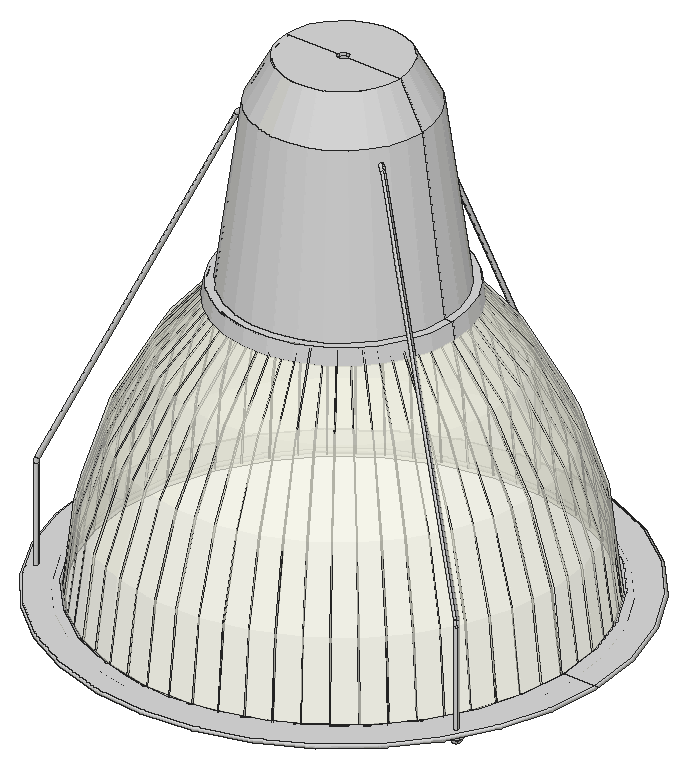
Revit family "RP22", category Lighting Fixtures, Revit 2024
Family settings
  Round Connector Dimension = Use Diameter
  Part Type = Normal
  OmniClass Number = 23.80.70.00
  OmniClass Title = Lighting
  Work Plane-Based = No
  Always vertical = Yes
  Cut with Voids When Loaded = No
  Light Source = No
  Maintain Annotation Orientation = No
  Shared = No
  Room Calculation Point = No
Parameters
  Default Elevation = 0' - 0"
Reference planes (in)
  plane 1 "Light Source Axis (F/B)": y = 0
  plane 2: z = 0
  plane 3 "Light Source Axis (L/R)": x = 0
  plane 4 "Light Source Elevation": z = 54
Forms (in)
  Revolve 1, solid, material "48"
    sketch origin (0, 0, 0) x (1, 0, 0) y (0, 0, 1)
      loop
        line (2.8125, 77.75) -> (0.25, 77.75) -> (0.25, 77.65625) -> (2.75696, 77.65625) -> (3.81747, 75.72007) -> (4.91835, 67.78125) -> (5.29558, 67.78125) -> (5.40496, 67.125) -> (5.5, 67.125) -> (5.375, 67.875) -> (5, 67.875) -> (3.90796, 75.75) -> (2.8125, 77.75)
      axis (0, 67.125) -> (0, 77.75)
    angle from 0 to 360
  Revolve 2, solid, material "GLASS SHADE"
    sketch origin (0, 0, 0) x (1, 0, 0) y (0, 0, 1)
      loop
        arc (11.1875, 54) -> (11.25, 54.0625) -> (11.1875, 54.125) r 0.0625
        line (11.1875, 54.125) -> (10.83403, 54.125)
        arc (10.83403, 54.125) -> (9.2544, 61.42208) -> (4.98056, 67.54392) r 18.96413
        line (4.98056, 67.54392) -> (4.91425, 67.47761)
        arc (4.91425, 67.47761) -> (9.19267, 61.32887) -> (10.74175, 54) r 18.87038
        line (10.74175, 54) -> (11.1875, 54)
      axis (0, 67.54392) -> (0, 54)
    angle from 0 to 360
  Revolve 3, solid, material "48"
    sketch origin (0, 0, 0) x (1, 0, 0) y (0, 0, 1)
      loop
        arc (12.4125, 54.125) -> (12.5, 54.2125) -> (12.4125, 54.3) r 0.0875
        line (12.4125, 54.3) -> (10.93136, 54.3)
        arc (10.93136, 54.3) -> (10.84386, 54.2125) -> (10.93136, 54.125) r 0.0875
        line (10.93136, 54.125) -> (12.4125, 54.125)
      axis (0, 54.3) -> (0, 54.125)
    angle from 0 to 360
  Sweep 4, solid, material "48"
    path origin (0, 0, 0) x (0.866025, 0.5, 0) y (0, 0, 1)
      loop
        line (-11.96945, 54.3) -> (-11.96945, 58.82315)
        arc (-11.96945, 58.82315) -> (-11.95511, 58.95099) -> (-11.9128, 59.07247) r 0.577
        line (-11.9128, 59.07247) -> (-4.16178, 74.8941)
        arc (-4.16178, 74.8941) -> (-3.90561, 75.02468) -> (-3.74137, 74.78867) r 0.21875
    profile origin (-10.36584, -5.98472, 56.56157) x (-0.866025, -0.5, 0) y (0.5, -0.866025, 0)
      loop
        circle (0, 0) r 0.09375
  Revolve 5, solid, material "48"
    sketch origin (0, 0, 0) x (0.866025, 0.5, 0) y (0, 0, 1)
      loop
        line (-12.28093, 54.125) -> (-12.28093, 53.96904)
        arc (-12.28093, 53.96904) -> (-12.24499, 53.93309) -> (-12.20057, 53.90839) r 0.18335
        arc (-12.20057, 53.90839) -> (-12.13287, 53.74497) -> (-11.96945, 53.67727) r 0.23112
        line (-11.96945, 53.67727) -> (-11.96945, 54.125) -> (-12.28093, 54.125)
      axis (-11.96945, 53.67727) -> (-11.96945, 54.125)
    angle from 0 to 360
  Sweep 6, solid, material "48"
    path origin (0, 0, 0) x (0, -1, 0) y (0, 0, 1)
      loop
        line (-11.96945, 54.3) -> (-11.96945, 58.82315)
        arc (-11.96945, 58.82315) -> (-11.95511, 58.95099) -> (-11.9128, 59.07247) r 0.577
        line (-11.9128, 59.07247) -> (-4.16178, 74.8941)
        arc (-4.16178, 74.8941) -> (-3.90561, 75.02468) -> (-3.74137, 74.78867) r 0.21875
    profile origin (0, 11.96945, 56.56157) x (0, 1, 0) y (-1, 0, 0)
      loop
        circle (0, 0) r 0.09375
  Revolve 7, solid, material "48"
    sketch origin (0, 0, 0) x (0, -1, 0) y (0, 0, 1)
      loop
        line (-12.28093, 54.125) -> (-12.28093, 53.96904)
        arc (-12.28093, 53.96904) -> (-12.24499, 53.93309) -> (-12.20057, 53.90839) r 0.18335
        arc (-12.20057, 53.90839) -> (-12.13287, 53.74497) -> (-11.96945, 53.67727) r 0.23112
        line (-11.96945, 53.67727) -> (-11.96945, 54.125) -> (-12.28093, 54.125)
      axis (-11.96945, 53.67727) -> (-11.96945, 54.125)
    angle from 0 to 360
  Sweep 8, solid, material "48"
    path origin (0, 0, 0) x (-0.866025, 0.5, 0) y (0, 0, 1)
      loop
        line (-11.96945, 54.3) -> (-11.96945, 58.82315)
        arc (-11.96945, 58.82315) -> (-11.95511, 58.95099) -> (-11.9128, 59.07247) r 0.577
        line (-11.9128, 59.07247) -> (-4.16178, 74.8941)
        arc (-4.16178, 74.8941) -> (-3.90561, 75.02468) -> (-3.74137, 74.78867) r 0.21875
    profile origin (10.36584, -5.98472, 56.56157) x (0.866025, -0.5, 0) y (0.5, 0.866025, 0)
      loop
        circle (0, 0) r 0.09375
  Revolve 9, solid, material "48"
    sketch origin (0, 0, 0) x (-0.866025, 0.5, 0) y (0, 0, 1)
      loop
        line (-12.28093, 54.125) -> (-12.28093, 53.96904)
        arc (-12.28093, 53.96904) -> (-12.24499, 53.93309) -> (-12.20057, 53.90839) r 0.18335
        arc (-12.20057, 53.90839) -> (-12.13287, 53.74497) -> (-11.96945, 53.67727) r 0.23112
        line (-11.96945, 53.67727) -> (-11.96945, 54.125) -> (-12.28093, 54.125)
      axis (-11.96945, 53.67727) -> (-11.96945, 54.125)
    angle from 0 to 360
  Sweep 10, solid, material "GLASS SHADE"
    path origin (0, 0, 0) x (1, 0, 0) y (0, 0, 1)
      loop
        arc (-4.91425, 67.47761) -> (-9.1135, 61.36235) -> (-10.74162, 54.125) r 19.61637
    profile origin (-9.1135, 0, 61.36235) x (0.91652, 0, -0.399989) y (0, -1, 0)
      loop
        circle (0, 0) r 0.03125
  Sweep 11, solid, material "GLASS SHADE"
    path origin (0, 0, 0) x (0.994522, -0.104528, 0) y (0, 0, 1)
      loop
        arc (-4.91425, 67.47761) -> (-9.1135, 61.36235) -> (-10.74162, 54.125) r 19.61637
    profile origin (-9.06358, 0.95262, 61.36235) x (0.911499, -0.095802, -0.399989) y (-0.104528, -0.994522, 0)
      loop
        circle (0, 0) r 0.03125
  Sweep 12, solid, material "GLASS SHADE"
    path origin (0, 0, 0) x (0.994522, 0.104528, 0) y (0, 0, 1)
      loop
        arc (-4.91425, 67.47761) -> (-9.1135, 61.36235) -> (-10.74162, 54.125) r 19.61637
    profile origin (-9.06358, -0.95262, 61.36235) x (0.911499, 0.095802, -0.399989) y (0.104528, -0.994522, 0)
      loop
        circle (0, 0) r 0.03125
  Sweep 13, solid, material "GLASS SHADE"
    path origin (0, 0, 0) x (0.978148, 0.207912, 0) y (0, 0, 1)
      loop
        arc (-4.91425, 67.47761) -> (-9.1135, 61.36235) -> (-10.74162, 54.125) r 19.61637
    profile origin (-8.91435, -1.8948, 61.36235) x (0.896492, 0.190555, -0.399989) y (0.207912, -0.978148, 0)
      loop
        circle (0, 0) r 0.03125
  Sweep 14, solid, material "GLASS SHADE"
    path origin (0, 0, 0) x (0.951057, 0.309017, 0) y (0, 0, 1)
      loop
        arc (-4.91425, 67.47761) -> (-9.1135, 61.36235) -> (-10.74162, 54.125) r 19.61637
    profile origin (-8.66745, -2.81623, 61.36235) x (0.871662, 0.28322, -0.399989) y (0.309017, -0.951057, 0)
      loop
        circle (0, 0) r 0.03125
  Sweep 15, solid, material "GLASS SHADE"
    path origin (0, 0, 0) x (0.913545, 0.406737, 0) y (0, 0, 1)
      loop
        arc (-4.91425, 67.47761) -> (-9.1135, 61.36235) -> (-10.74162, 54.125) r 19.61637
    profile origin (-8.3256, -3.70679, 61.36235) x (0.837283, 0.372782, -0.399989) y (0.406737, -0.913545, 0)
      loop
        circle (0, 0) r 0.03125
  Sweep 16, solid, material "GLASS SHADE"
    path origin (0, 0, 0) x (0.866025, 0.5, 0) y (0, 0, 1)
      loop
        arc (-4.91425, 67.47761) -> (-9.1135, 61.36235) -> (-10.74162, 54.125) r 19.61637
    profile origin (-7.89252, -4.55675, 61.36235) x (0.79373, 0.45826, -0.399989) y (0.5, -0.866025, 0)
      loop
        circle (0, 0) r 0.03125
  Sweep 17, solid, material "GLASS SHADE"
    path origin (0, 0, 0) x (0.809017, 0.587785, 0) y (0, 0, 1)
      loop
        arc (-4.91425, 67.47761) -> (-9.1135, 61.36235) -> (-10.74162, 54.125) r 19.61637
    profile origin (-7.37298, -5.35678, 61.36235) x (0.74148, 0.538717, -0.399989) y (0.587785, -0.809017, 0)
      loop
        circle (0, 0) r 0.03125
  Sweep 18, solid, material "GLASS SHADE"
    path origin (0, 0, 0) x (0.743145, 0.669131, 0) y (0, 0, 1)
      loop
        arc (-4.91425, 67.47761) -> (-9.1135, 61.36235) -> (-10.74162, 54.125) r 19.61637
    profile origin (-6.77265, -6.09812, 61.36235) x (0.681107, 0.613272, -0.399989) y (0.669131, -0.743145, 0)
      loop
        circle (0, 0) r 0.03125
  Sweep 19, solid, material "GLASS SHADE"
    path origin (0, 0, 0) x (0.669131, 0.743145, 0) y (0, 0, 1)
      loop
        arc (-4.91425, 67.47761) -> (-9.1135, 61.36235) -> (-10.74162, 54.125) r 19.61637
    profile origin (-6.09812, -6.77265, 61.36235) x (0.613272, 0.681107, -0.399989) y (0.743145, -0.669131, 0)
      loop
        circle (0, 0) r 0.03125
  Sweep 20, solid, material "GLASS SHADE"
    path origin (0, 0, 0) x (0.587785, 0.809017, 0) y (0, 0, 1)
      loop
        arc (-4.91425, 67.47761) -> (-9.1135, 61.36235) -> (-10.74162, 54.125) r 19.61637
    profile origin (-5.35678, -7.37298, 61.36235) x (0.538717, 0.74148, -0.399989) y (0.809017, -0.587785, 0)
      loop
        circle (0, 0) r 0.03125
  Sweep 21, solid, material "GLASS SHADE"
    path origin (0, 0, 0) x (0.5, 0.866025, 0) y (0, 0, 1)
      loop
        arc (-4.91425, 67.47761) -> (-9.1135, 61.36235) -> (-10.74162, 54.125) r 19.61637
    profile origin (-4.55675, -7.89252, 61.36235) x (0.45826, 0.79373, -0.399989) y (0.866025, -0.5, 0)
      loop
        circle (0, 0) r 0.03125
  Sweep 22, solid, material "GLASS SHADE"
    path origin (0, 0, 0) x (0.406737, 0.913545, 0) y (0, 0, 1)
      loop
        arc (-4.91425, 67.47761) -> (-9.1135, 61.36235) -> (-10.74162, 54.125) r 19.61637
    profile origin (-3.70679, -8.3256, 61.36235) x (0.372782, 0.837283, -0.399989) y (0.913545, -0.406737, 0)
      loop
        circle (0, 0) r 0.03125
  Sweep 23, solid, material "GLASS SHADE"
    path origin (0, 0, 0) x (0.309017, 0.951057, 0) y (0, 0, 1)
      loop
        arc (-4.91425, 67.47761) -> (-9.1135, 61.36235) -> (-10.74162, 54.125) r 19.61637
    profile origin (-2.81623, -8.66745, 61.36235) x (0.28322, 0.871662, -0.399989) y (0.951057, -0.309017, 0)
      loop
        circle (0, 0) r 0.03125
  Sweep 24, solid, material "GLASS SHADE"
    path origin (0, 0, 0) x (0.207912, 0.978148, 0) y (0, 0, 1)
      loop
        arc (-4.91425, 67.47761) -> (-9.1135, 61.36235) -> (-10.74162, 54.125) r 19.61637
    profile origin (-1.8948, -8.91435, 61.36235) x (0.190555, 0.896492, -0.399989) y (0.978148, -0.207912, 0)
      loop
        circle (0, 0) r 0.03125
  Sweep 25, solid, material "GLASS SHADE"
    path origin (0, 0, 0) x (0.104528, 0.994522, 0) y (0, 0, 1)
      loop
        arc (-4.91425, 67.47761) -> (-9.1135, 61.36235) -> (-10.74162, 54.125) r 19.61637
    profile origin (-0.95262, -9.06358, 61.36235) x (0.095802, 0.911499, -0.399989) y (0.994522, -0.104528, 0)
      loop
        circle (0, 0) r 0.03125
  Sweep 26, solid, material "GLASS SHADE"
    path origin (0, 0, 0) x (0, 1, 0) y (0, 0, 1)
      loop
        arc (-4.91425, 67.47761) -> (-9.1135, 61.36235) -> (-10.74162, 54.125) r 19.61637
    profile origin (0, -9.1135, 61.36235) x (0, 0.91652, -0.399989) y (1, 0, 0)
      loop
        circle (0, 0) r 0.03125
  Sweep 27, solid, material "GLASS SHADE"
    path origin (0, 0, 0) x (-0.104528, 0.994522, 0) y (0, 0, 1)
      loop
        arc (-4.91425, 67.47761) -> (-9.1135, 61.36235) -> (-10.74162, 54.125) r 19.61637
    profile origin (0.95262, -9.06358, 61.36235) x (-0.095802, 0.911499, -0.399989) y (0.994522, 0.104528, 0)
      loop
        circle (0, 0) r 0.03125
  Sweep 28, solid, material "GLASS SHADE"
    path origin (0, 0, 0) x (-0.207912, 0.978148, 0) y (0, 0, 1)
      loop
        arc (-4.91425, 67.47761) -> (-9.1135, 61.36235) -> (-10.74162, 54.125) r 19.61637
    profile origin (1.8948, -8.91435, 61.36235) x (-0.190555, 0.896492, -0.399989) y (0.978148, 0.207912, 0)
      loop
        circle (0, 0) r 0.03125
  Sweep 29, solid, material "GLASS SHADE"
    path origin (0, 0, 0) x (-0.309017, 0.951057, 0) y (0, 0, 1)
      loop
        arc (-4.91425, 67.47761) -> (-9.1135, 61.36235) -> (-10.74162, 54.125) r 19.61637
    profile origin (2.81623, -8.66745, 61.36235) x (-0.28322, 0.871662, -0.399989) y (0.951057, 0.309017, 0)
      loop
        circle (0, 0) r 0.03125
  Sweep 30, solid, material "GLASS SHADE"
    path origin (0, 0, 0) x (-0.406737, 0.913545, 0) y (0, 0, 1)
      loop
        arc (-4.91425, 67.47761) -> (-9.1135, 61.36235) -> (-10.74162, 54.125) r 19.61637
    profile origin (3.70679, -8.3256, 61.36235) x (-0.372782, 0.837283, -0.399989) y (0.913545, 0.406737, 0)
      loop
        circle (0, 0) r 0.03125
  Sweep 31, solid, material "GLASS SHADE"
    path origin (0, 0, 0) x (-0.5, 0.866025, 0) y (0, 0, 1)
      loop
        arc (-4.91425, 67.47761) -> (-9.1135, 61.36235) -> (-10.74162, 54.125) r 19.61637
    profile origin (4.55675, -7.89252, 61.36235) x (-0.45826, 0.79373, -0.399989) y (0.866025, 0.5, 0)
      loop
        circle (0, 0) r 0.03125
  Sweep 32, solid, material "GLASS SHADE"
    path origin (0, 0, 0) x (-0.587785, 0.809017, 0) y (0, 0, 1)
      loop
        arc (-4.91425, 67.47761) -> (-9.1135, 61.36235) -> (-10.74162, 54.125) r 19.61637
    profile origin (5.35678, -7.37298, 61.36235) x (-0.538717, 0.74148, -0.399989) y (0.809017, 0.587785, 0)
      loop
        circle (0, 0) r 0.03125
  Sweep 33, solid, material "GLASS SHADE"
    path origin (0, 0, 0) x (-0.669131, 0.743145, 0) y (0, 0, 1)
      loop
        arc (-4.91425, 67.47761) -> (-9.1135, 61.36235) -> (-10.74162, 54.125) r 19.61637
    profile origin (6.09812, -6.77265, 61.36235) x (-0.613272, 0.681107, -0.399989) y (0.743145, 0.669131, 0)
      loop
        circle (0, 0) r 0.03125
  Sweep 34, solid, material "GLASS SHADE"
    path origin (0, 0, 0) x (-0.743145, 0.669131, 0) y (0, 0, 1)
      loop
        arc (-4.91425, 67.47761) -> (-9.1135, 61.36235) -> (-10.74162, 54.125) r 19.61637
    profile origin (6.77265, -6.09812, 61.36235) x (-0.681107, 0.613272, -0.399989) y (0.669131, 0.743145, 0)
      loop
        circle (0, 0) r 0.03125
  Sweep 35, solid, material "GLASS SHADE"
    path origin (0, 0, 0) x (-0.809017, 0.587785, 0) y (0, 0, 1)
      loop
        arc (-4.91425, 67.47761) -> (-9.1135, 61.36235) -> (-10.74162, 54.125) r 19.61637
    profile origin (7.37298, -5.35678, 61.36235) x (-0.74148, 0.538717, -0.399989) y (0.587785, 0.809017, 0)
      loop
        circle (0, 0) r 0.03125
  Sweep 36, solid, material "GLASS SHADE"
    path origin (0, 0, 0) x (-0.866025, 0.5, 0) y (0, 0, 1)
      loop
        arc (-4.91425, 67.47761) -> (-9.1135, 61.36235) -> (-10.74162, 54.125) r 19.61637
    profile origin (7.89252, -4.55675, 61.36235) x (-0.79373, 0.45826, -0.399989) y (0.5, 0.866025, 0)
      loop
        circle (0, 0) r 0.03125
  Sweep 37, solid, material "GLASS SHADE"
    path origin (0, 0, 0) x (-0.913545, 0.406737, 0) y (0, 0, 1)
      loop
        arc (-4.91425, 67.47761) -> (-9.1135, 61.36235) -> (-10.74162, 54.125) r 19.61637
    profile origin (8.3256, -3.70679, 61.36235) x (-0.837283, 0.372782, -0.399989) y (0.406737, 0.913545, 0)
      loop
        circle (0, 0) r 0.03125
  Sweep 38, solid, material "GLASS SHADE"
    path origin (0, 0, 0) x (-0.951057, 0.309017, 0) y (0, 0, 1)
      loop
        arc (-4.91425, 67.47761) -> (-9.1135, 61.36235) -> (-10.74162, 54.125) r 19.61637
    profile origin (8.66745, -2.81623, 61.36235) x (-0.871662, 0.28322, -0.399989) y (0.309017, 0.951057, 0)
      loop
        circle (0, 0) r 0.03125
  Sweep 39, solid, material "GLASS SHADE"
    path origin (0, 0, 0) x (-0.978148, 0.207912, 0) y (0, 0, 1)
      loop
        arc (-4.91425, 67.47761) -> (-9.1135, 61.36235) -> (-10.74162, 54.125) r 19.61637
    profile origin (8.91435, -1.8948, 61.36235) x (-0.896492, 0.190555, -0.399989) y (0.207912, 0.978148, 0)
      loop
        circle (0, 0) r 0.03125
  Sweep 40, solid, material "GLASS SHADE"
    path origin (0, 0, 0) x (-0.994522, 0.104528, 0) y (0, 0, 1)
      loop
        arc (-4.91425, 67.47761) -> (-9.1135, 61.36235) -> (-10.74162, 54.125) r 19.61637
    profile origin (9.06358, -0.95262, 61.36235) x (-0.911499, 0.095802, -0.399989) y (0.104528, 0.994522, 0)
      loop
        circle (0, 0) r 0.03125
  Sweep 41, solid, material "GLASS SHADE"
    path origin (0, 0, 0) x (-1, 0, 0) y (0, 0, 1)
      loop
        arc (-4.91425, 67.47761) -> (-9.1135, 61.36235) -> (-10.74162, 54.125) r 19.61637
    profile origin (9.1135, 0, 61.36235) x (-0.91652, 0, -0.399989) y (0, 1, 0)
      loop
        circle (0, 0) r 0.03125
  Sweep 42, solid, material "GLASS SHADE"
    path origin (0, 0, 0) x (-0.994522, -0.104528, 0) y (0, 0, 1)
      loop
        arc (-4.91425, 67.47761) -> (-9.1135, 61.36235) -> (-10.74162, 54.125) r 19.61637
    profile origin (9.06358, 0.95262, 61.36235) x (-0.911499, -0.095802, -0.399989) y (-0.104528, 0.994522, 0)
      loop
        circle (0, 0) r 0.03125
  Sweep 43, solid, material "GLASS SHADE"
    path origin (0, 0, 0) x (-0.978148, -0.207912, 0) y (0, 0, 1)
      loop
        arc (-4.91425, 67.47761) -> (-9.1135, 61.36235) -> (-10.74162, 54.125) r 19.61637
    profile origin (8.91435, 1.8948, 61.36235) x (-0.896492, -0.190555, -0.399989) y (-0.207912, 0.978148, 0)
      loop
        circle (0, 0) r 0.03125
  Sweep 44, solid, material "GLASS SHADE"
    path origin (0, 0, 0) x (-0.951057, -0.309017, 0) y (0, 0, 1)
      loop
        arc (-4.91425, 67.47761) -> (-9.1135, 61.36235) -> (-10.74162, 54.125) r 19.61637
    profile origin (8.66745, 2.81623, 61.36235) x (-0.871662, -0.28322, -0.399989) y (-0.309017, 0.951057, 0)
      loop
        circle (0, 0) r 0.03125
  Sweep 45, solid, material "GLASS SHADE"
    path origin (0, 0, 0) x (-0.913545, -0.406737, 0) y (0, 0, 1)
      loop
        arc (-4.91425, 67.47761) -> (-9.1135, 61.36235) -> (-10.74162, 54.125) r 19.61637
    profile origin (8.3256, 3.70679, 61.36235) x (-0.837283, -0.372782, -0.399989) y (-0.406737, 0.913545, 0)
      loop
        circle (0, 0) r 0.03125
  Sweep 46, solid, material "GLASS SHADE"
    path origin (0, 0, 0) x (-0.866025, -0.5, 0) y (0, 0, 1)
      loop
        arc (-4.91425, 67.47761) -> (-9.1135, 61.36235) -> (-10.74162, 54.125) r 19.61637
    profile origin (7.89252, 4.55675, 61.36235) x (-0.79373, -0.45826, -0.399989) y (-0.5, 0.866025, 0)
      loop
        circle (0, 0) r 0.03125
  Sweep 47, solid, material "GLASS SHADE"
    path origin (0, 0, 0) x (-0.809017, -0.587785, 0) y (0, 0, 1)
      loop
        arc (-4.91425, 67.47761) -> (-9.1135, 61.36235) -> (-10.74162, 54.125) r 19.61637
    profile origin (7.37298, 5.35678, 61.36235) x (-0.74148, -0.538717, -0.399989) y (-0.587785, 0.809017, 0)
      loop
        circle (0, 0) r 0.03125
  Sweep 48, solid, material "GLASS SHADE"
    path origin (0, 0, 0) x (-0.743145, -0.669131, 0) y (0, 0, 1)
      loop
        arc (-4.91425, 67.47761) -> (-9.1135, 61.36235) -> (-10.74162, 54.125) r 19.61637
    profile origin (6.77265, 6.09812, 61.36235) x (-0.681107, -0.613272, -0.399989) y (-0.669131, 0.743145, 0)
      loop
        circle (0, 0) r 0.03125
  Sweep 49, solid, material "GLASS SHADE"
    path origin (0, 0, 0) x (-0.669131, -0.743145, 0) y (0, 0, 1)
      loop
        arc (-4.91425, 67.47761) -> (-9.1135, 61.36235) -> (-10.74162, 54.125) r 19.61637
    profile origin (6.09812, 6.77265, 61.36235) x (-0.613272, -0.681107, -0.399989) y (-0.743145, 0.669131, 0)
      loop
        circle (0, 0) r 0.03125
  Sweep 50, solid, material "GLASS SHADE"
    path origin (0, 0, 0) x (-0.587785, -0.809017, 0) y (0, 0, 1)
      loop
        arc (-4.91425, 67.47761) -> (-9.1135, 61.36235) -> (-10.74162, 54.125) r 19.61637
    profile origin (5.35678, 7.37298, 61.36235) x (-0.538717, -0.74148, -0.399989) y (-0.809017, 0.587785, 0)
      loop
        circle (0, 0) r 0.03125
  Sweep 51, solid, material "GLASS SHADE"
    path origin (0, 0, 0) x (-0.5, -0.866025, 0) y (0, 0, 1)
      loop
        arc (-4.91425, 67.47761) -> (-9.1135, 61.36235) -> (-10.74162, 54.125) r 19.61637
    profile origin (4.55675, 7.89252, 61.36235) x (-0.45826, -0.79373, -0.399989) y (-0.866025, 0.5, 0)
      loop
        circle (0, 0) r 0.03125
  Sweep 52, solid, material "GLASS SHADE"
    path origin (0, 0, 0) x (-0.406737, -0.913545, 0) y (0, 0, 1)
      loop
        arc (-4.91425, 67.47761) -> (-9.1135, 61.36235) -> (-10.74162, 54.125) r 19.61637
    profile origin (3.70679, 8.3256, 61.36235) x (-0.372782, -0.837283, -0.399989) y (-0.913545, 0.406737, 0)
      loop
        circle (0, 0) r 0.03125
  Sweep 53, solid, material "GLASS SHADE"
    path origin (0, 0, 0) x (-0.309017, -0.951057, 0) y (0, 0, 1)
      loop
        arc (-4.91425, 67.47761) -> (-9.1135, 61.36235) -> (-10.74162, 54.125) r 19.61637
    profile origin (2.81623, 8.66745, 61.36235) x (-0.28322, -0.871662, -0.399989) y (-0.951057, 0.309017, 0)
      loop
        circle (0, 0) r 0.03125
  Sweep 54, solid, material "GLASS SHADE"
    path origin (0, 0, 0) x (-0.207912, -0.978148, 0) y (0, 0, 1)
      loop
        arc (-4.91425, 67.47761) -> (-9.1135, 61.36235) -> (-10.74162, 54.125) r 19.61637
    profile origin (1.8948, 8.91435, 61.36235) x (-0.190555, -0.896492, -0.399989) y (-0.978148, 0.207912, 0)
      loop
        circle (0, 0) r 0.03125
  Sweep 55, solid, material "GLASS SHADE"
    path origin (0, 0, 0) x (-0.104528, -0.994522, 0) y (0, 0, 1)
      loop
        arc (-4.91425, 67.47761) -> (-9.1135, 61.36235) -> (-10.74162, 54.125) r 19.61637
    profile origin (0.95262, 9.06358, 61.36235) x (-0.095802, -0.911499, -0.399989) y (-0.994522, 0.104528, 0)
      loop
        circle (0, 0) r 0.03125
  Sweep 56, solid, material "GLASS SHADE"
    path origin (0, 0, 0) x (0, -1, 0) y (0, 0, 1)
      loop
        arc (-4.91425, 67.47761) -> (-9.1135, 61.36235) -> (-10.74162, 54.125) r 19.61637
    profile origin (0, 9.1135, 61.36235) x (0, -0.91652, -0.399989) y (-1, 0, 0)
      loop
        circle (0, 0) r 0.03125
  Sweep 57, solid, material "GLASS SHADE"
    path origin (0, 0, 0) x (0.104528, -0.994522, 0) y (0, 0, 1)
      loop
        arc (-4.91425, 67.47761) -> (-9.1135, 61.36235) -> (-10.74162, 54.125) r 19.61637
    profile origin (-0.95262, 9.06358, 61.36235) x (0.095802, -0.911499, -0.399989) y (-0.994522, -0.104528, 0)
      loop
        circle (0, 0) r 0.03125
  Sweep 58, solid, material "GLASS SHADE"
    path origin (0, 0, 0) x (0.207912, -0.978148, 0) y (0, 0, 1)
      loop
        arc (-4.91425, 67.47761) -> (-9.1135, 61.36235) -> (-10.74162, 54.125) r 19.61637
    profile origin (-1.8948, 8.91435, 61.36235) x (0.190555, -0.896492, -0.399989) y (-0.978148, -0.207912, 0)
      loop
        circle (0, 0) r 0.03125
  Sweep 59, solid, material "GLASS SHADE"
    path origin (0, 0, 0) x (0.309017, -0.951057, 0) y (0, 0, 1)
      loop
        arc (-4.91425, 67.47761) -> (-9.1135, 61.36235) -> (-10.74162, 54.125) r 19.61637
    profile origin (-2.81623, 8.66745, 61.36235) x (0.28322, -0.871662, -0.399989) y (-0.951057, -0.309017, 0)
      loop
        circle (0, 0) r 0.03125
  Sweep 60, solid, material "GLASS SHADE"
    path origin (0, 0, 0) x (0.406737, -0.913545, 0) y (0, 0, 1)
      loop
        arc (-4.91425, 67.47761) -> (-9.1135, 61.36235) -> (-10.74162, 54.125) r 19.61637
    profile origin (-3.70679, 8.3256, 61.36235) x (0.372782, -0.837283, -0.399989) y (-0.913545, -0.406737, 0)
      loop
        circle (0, 0) r 0.03125
  Sweep 61, solid, material "GLASS SHADE"
    path origin (0, 0, 0) x (0.5, -0.866025, 0) y (0, 0, 1)
      loop
        arc (-4.91425, 67.47761) -> (-9.1135, 61.36235) -> (-10.74162, 54.125) r 19.61637
    profile origin (-4.55675, 7.89252, 61.36235) x (0.45826, -0.79373, -0.399989) y (-0.866025, -0.5, 0)
      loop
        circle (0, 0) r 0.03125
  Sweep 62, solid, material "GLASS SHADE"
    path origin (0, 0, 0) x (0.587785, -0.809017, 0) y (0, 0, 1)
      loop
        arc (-4.91425, 67.47761) -> (-9.1135, 61.36235) -> (-10.74162, 54.125) r 19.61637
    profile origin (-5.35678, 7.37298, 61.36235) x (0.538717, -0.74148, -0.399989) y (-0.809017, -0.587785, 0)
      loop
        circle (0, 0) r 0.03125
  Sweep 63, solid, material "GLASS SHADE"
    path origin (0, 0, 0) x (0.669131, -0.743145, 0) y (0, 0, 1)
      loop
        arc (-4.91425, 67.47761) -> (-9.1135, 61.36235) -> (-10.74162, 54.125) r 19.61637
    profile origin (-6.09812, 6.77265, 61.36235) x (0.613272, -0.681107, -0.399989) y (-0.743145, -0.669131, 0)
      loop
        circle (0, 0) r 0.03125
  Sweep 64, solid, material "GLASS SHADE"
    path origin (0, 0, 0) x (0.743145, -0.669131, 0) y (0, 0, 1)
      loop
        arc (-4.91425, 67.47761) -> (-9.1135, 61.36235) -> (-10.74162, 54.125) r 19.61637
    profile origin (-6.77265, 6.09812, 61.36235) x (0.681107, -0.613272, -0.399989) y (-0.669131, -0.743145, 0)
      loop
        circle (0, 0) r 0.03125
  Sweep 65, solid, material "GLASS SHADE"
    path origin (0, 0, 0) x (0.809017, -0.587785, 0) y (0, 0, 1)
      loop
        arc (-4.91425, 67.47761) -> (-9.1135, 61.36235) -> (-10.74162, 54.125) r 19.61637
    profile origin (-7.37298, 5.35678, 61.36235) x (0.74148, -0.538717, -0.399989) y (-0.587785, -0.809017, 0)
      loop
        circle (0, 0) r 0.03125
  Sweep 66, solid, material "GLASS SHADE"
    path origin (0, 0, 0) x (0.866025, -0.5, 0) y (0, 0, 1)
      loop
        arc (-4.91425, 67.47761) -> (-9.1135, 61.36235) -> (-10.74162, 54.125) r 19.61637
    profile origin (-7.89252, 4.55675, 61.36235) x (0.79373, -0.45826, -0.399989) y (-0.5, -0.866025, 0)
      loop
        circle (0, 0) r 0.03125
  Sweep 67, solid, material "GLASS SHADE"
    path origin (0, 0, 0) x (0.913545, -0.406737, 0) y (0, 0, 1)
      loop
        arc (-4.91425, 67.47761) -> (-9.1135, 61.36235) -> (-10.74162, 54.125) r 19.61637
    profile origin (-8.3256, 3.70679, 61.36235) x (0.837283, -0.372782, -0.399989) y (-0.406737, -0.913545, 0)
      loop
        circle (0, 0) r 0.03125
  Sweep 68, solid, material "GLASS SHADE"
    path origin (0, 0, 0) x (0.951057, -0.309017, 0) y (0, 0, 1)
      loop
        arc (-4.91425, 67.47761) -> (-9.1135, 61.36235) -> (-10.74162, 54.125) r 19.61637
    profile origin (-8.66745, 2.81623, 61.36235) x (0.871662, -0.28322, -0.399989) y (-0.309017, -0.951057, 0)
      loop
        circle (0, 0) r 0.03125
  Sweep 69, solid, material "GLASS SHADE"
    path origin (0, 0, 0) x (0.978148, -0.207912, 0) y (0, 0, 1)
      loop
        arc (-4.91425, 67.47761) -> (-9.1135, 61.36235) -> (-10.74162, 54.125) r 19.61637
    profile origin (-8.91435, 1.8948, 61.36235) x (0.896492, -0.190555, -0.399989) y (-0.207912, -0.978148, 0)
      loop
        circle (0, 0) r 0.03125
Dimensions and locks (in)
  aligned and locked: level to plane 2
